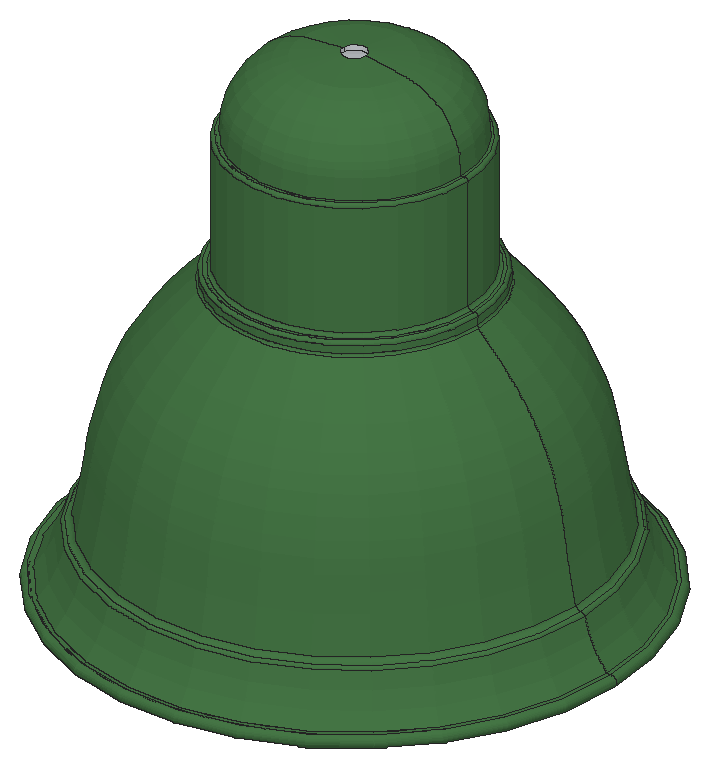
Revit family "RE12 SHADE", category Lighting Fixtures, Revit 2024
Family settings
  Round Connector Dimension = Use Diameter
  Part Type = Normal
  OmniClass Number = 23.80.70.00
  OmniClass Title = Lighting
  Work Plane-Based = No
  Always vertical = Yes
  Cut with Voids When Loaded = No
  Light Source = Yes
  Maintain Annotation Orientation = No
  Shared = No
  Room Calculation Point = No
Parameters
  Wattage = 12.1178 W
  built-in parameter 1150110 = 1 (stored number, unit not read)
  built-in parameter 1114217 = 1 (stored number, unit not read)
  built-in parameter 1150109 = 1 (stored number, unit not read)
  built-in parameter 1150134 = (empty or 0)
  built-in parameter 1150113 = 1 (stored number, unit not read)
  Lumens = 1800 lm
  built-in parameter 1150115 = 1 (stored number, unit not read)
  built-in parameter 1150105 = 572.96 (stored number, unit not read)
  Light Source Symbol Size = 2' - 0"
  built-in parameter 1150137 = (empty or 0)
  built-in parameter 1150139 = (empty or 0)
  built-in parameter 1150112 = 1 (stored number, unit not read)
  built-in parameter 1150114 = 1 (stored number, unit not read)
  built-in parameter 1150132 = 2
  built-in parameter 1150102 = (empty or 0)
  built-in parameter 1150138 = (empty or 0)
  built-in parameter 1150107 = 3000 (stored number, unit not read)
  built-in parameter 1150106 = 5.7296 (stored number, unit not read)
  built-in parameter 1150104 = 13.8 (stored number, unit not read)
  Dimming Lamp Color Temperature Shift = (empty or 0)
  Default Elevation = 0' - 0"
  Color Filter = 16777215
  built-in parameter 1114218 = 1 (stored number, unit not read)
  built-in parameter 1150133 = 10 (stored number, unit not read)
Reference planes (in)
  plane 1 "Light Source Axis (F/B)": y = 0
  plane 2: z = 0
  plane 3 "Light Source Axis (L/R)": x = 0
  plane 4 "Light Source Elevation": z = 84
Forms (in)
  Revolve 1, solid
    sketch origin (0, 0, 0) x (1, 0, 0) y (0, 0, 1)
      loop
        arc (-5.7446, 84.1423) -> (-5.3981, 84.64439) -> (-5.17856, 85.21356) r 2.59157
        arc (-5.17856, 85.21356) -> (-5.04381, 85.27651) -> (-4.97174, 85.4066) r 0.2408
        spline (-4.97174, 85.4066) -> (-4.82365, 86.17855) -> (-4.75034, 86.6171) -> (-4.68994, 86.98741) -> (-4.61861, 87.331) -> (-4.51032, 87.71402) -> (-4.36904, 88.11643) -> (-4.21649, 88.45804) -> (-4.04512, 88.75546) -> (-3.81962, 89.07952) -> (-3.5471, 89.42597) -> (-3.24232, 89.76884) -> (-2.7816, 90.24383)
        arc (-2.7816, 90.24383) -> (-2.73444, 90.30493) -> (-2.71875, 90.3805) r 0.17199
        line (-2.71875, 90.3805) -> (-2.71875, 90.51443) -> (-2.6625, 90.51443)
        arc (-2.6625, 90.51443) -> (-2.54318, 90.56385) -> (-2.49375, 90.68318) r 0.16875
        line (-2.49375, 90.68318) -> (-2.49375, 93.21443) -> (-2.34788, 93.21443) -> (-2.34388, 93.30327)
        spline (-2.34388, 93.30327) -> (-2.32186, 93.6742) -> (-2.27435, 93.87903) -> (-2.19941, 94.05371) -> (-2.09155, 94.22797) -> (-1.96391, 94.38129) -> (-1.83128, 94.4993) -> (-1.68409, 94.59423) -> (-1.50851, 94.68618) -> (-1.34032, 94.75772) -> (-1.15695, 94.81061) -> (-0.86366, 94.85882) -> (-0.2545, 94.90524)
        line (-0.2545, 94.90524) -> (-0.2545, 94.99899)
        spline (-0.2545, 94.99899) -> (-0.87132, 94.95317) -> (-1.1752, 94.90373) -> (-1.36931, 94.84814) -> (-1.54658, 94.77326) -> (-1.72862, 94.67836) -> (-1.88562, 94.57736) -> (-2.0293, 94.45017) -> (-2.16591, 94.28684) -> (-2.28089, 94.10183) -> (-2.36217, 93.91317) -> (-2.41359, 93.69383) -> (-2.4375, 93.30818)
        line (-2.4375, 93.30818) -> (-2.5125, 93.30818)
        arc (-2.5125, 93.30818) -> (-2.56553, 93.28621) -> (-2.5875, 93.23318) r 0.075
        line (-2.5875, 93.23318) -> (-2.5875, 90.68318)
        arc (-2.5875, 90.68318) -> (-2.60947, 90.63014) -> (-2.6625, 90.60818) r 0.075
        line (-2.6625, 90.60818) -> (-2.7375, 90.60818)
        arc (-2.7375, 90.60818) -> (-2.79053, 90.58621) -> (-2.8125, 90.53318) r 0.075
        line (-2.8125, 90.53318) -> (-2.8125, 90.37929)
        arc (-2.8125, 90.37929) -> (-2.82038, 90.34249) -> (-2.84453, 90.31362) r 0.07824
        spline (-2.84453, 90.31362) -> (-3.30975, 89.83344) -> (-3.62013, 89.48404) -> (-3.89713, 89.13166) -> (-4.12728, 88.80065) -> (-4.30428, 88.49324) -> (-4.46086, 88.1423) -> (-4.60494, 87.73137) -> (-4.71495, 87.34144) -> (-4.78784, 86.98947) -> (-4.84859, 86.61597) -> (-4.92159, 86.17735) -> (-5.06957, 85.40325)
        arc (-5.06957, 85.40325) -> (-5.11758, 85.33667) -> (-5.1938, 85.30619) r 0.14705
        arc (-5.1938, 85.30619) -> (-5.24096, 85.28604) -> (-5.26796, 85.24243) r 0.08503
        arc (-5.26796, 85.24243) -> (-5.46389, 84.72112) -> (-5.77047, 84.25619) r 2.49782
        line (-5.77047, 84.25619) -> (-5.8719, 84.25619)
        arc (-5.8719, 84.25619) -> (-5.95731, 84.03263) -> (-5.7446, 84.1423) r 0.1281
      axis (0, 94.99899) -> (0, 84.1423)
    angle from 0 to 360
Dimensions and locks (in)
  aligned and locked: plane 3 "Light Source Axis (L/R)" to imposter light
  aligned and locked: plane 1 "Light Source Axis (F/B)" to imposter light
  aligned and locked: plane 4 "Light Source Elevation" to imposter light
  aligned and locked: level to plane 2
